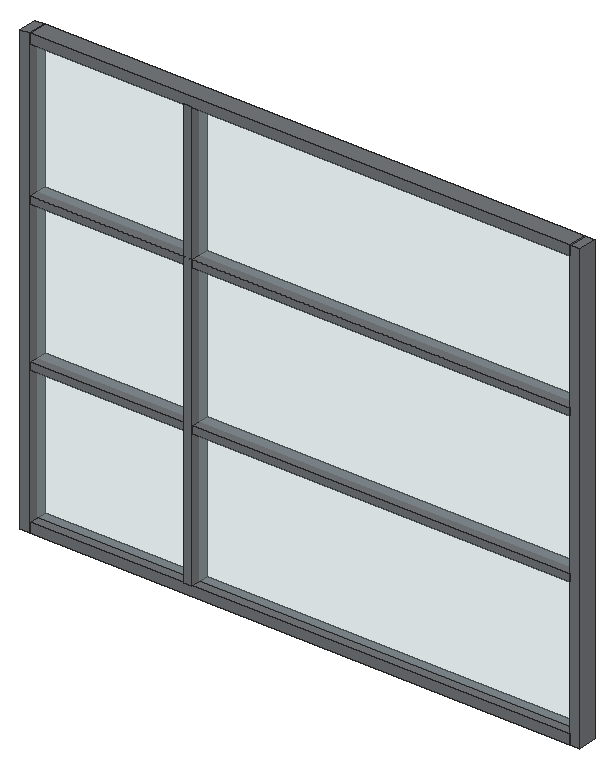
Revit family "LC W01 - A11", category Windows, host Wall, Revit 2027
Family settings
  Host = Wall
  Always vertical = Yes
  Cut with Voids When Loaded = No
  Shared = No
  Room Calculation Point = No
Parameters (values of type "A11 nominal size")
  Height = 2400 mm  # constant formula
  Description = "A07/A08 position, A11 overall sizes. Frame50x100 and glazing6mm are visual coordination profiles; manufacturer sections/glazing specification pending. Panel divisions follow schedule appearance, undimensioned divisions provisional."
  Default Sill Height = 0 mm
  Wall Closure = By host
  Width = 3000 mm  # constant formula
Reference planes
  plane 1 "Center (Front/Back)": y = 0
  plane 2 "Center (Left/Right)": x = 0
  plane 3 "Left": x = -1500
  plane 4 "Right": x = 1500
  plane 5 "Sill": z = 0
  plane 6 "Head": z = 2400
  plane 7 "Exterior": y = 100
  plane 8 "Interior": y = -100
Forms (mm)
  Extrusion 1, solid, material "LC Aluminium - charcoal coordination"
    sketch origin (0, 0, 0) x (1, 0, 0) y (0, 1, 0)
      loop
        line (-1500, -50) -> (-1450, -50) -> (-1450, 50) -> (-1500, 50) -> (-1500, -50)
    from 0 to 2400
  Extrusion 2, solid, material "LC Aluminium - charcoal coordination"
    sketch origin (0, 0, 0) x (1, 0, 0) y (0, 1, 0)
      loop
        line (1450, -50) -> (1500, -50) -> (1500, 50) -> (1450, 50) -> (1450, -50)
    from 0 to 2400
  Extrusion 3, solid, material "LC Aluminium - charcoal coordination"
    sketch origin (0, 0, 0) x (1, 0, 0) y (0, 1, 0)
      loop
        line (-1450, -50) -> (1450, -50) -> (1450, 50) -> (-1450, 50) -> (-1450, -50)
    from 2350 to 2400
  Extrusion 4, solid, material "LC Aluminium - charcoal coordination"
    sketch origin (0, 0, 0) x (1, 0, 0) y (0, 1, 0)
      loop
        line (-1450, -50) -> (1450, -50) -> (1450, 50) -> (-1450, 50) -> (-1450, -50)
    from 0 to 50
  Extrusion 5, solid, material "LC Aluminium - charcoal coordination"
    sketch origin (0, 0, 0) x (1, 0, 0) y (0, 1, 0)
      loop
        line (-620, -50) -> (-580, -50) -> (-580, 50) -> (-620, 50) -> (-620, -50)
    from 50 to 2350
  Extrusion 6, solid, material "LC Aluminium - charcoal coordination"
    sketch origin (0, 0, 0) x (1, 0, 0) y (0, 1, 0)
      loop
        line (-1450, -50) -> (1450, -50) -> (1450, 50) -> (-1450, 50) -> (-1450, -50)
    from 780 to 820
  Extrusion 7, solid, material "LC Aluminium - charcoal coordination"
    sketch origin (0, 0, 0) x (1, 0, 0) y (0, 1, 0)
      loop
        line (-1450, -50) -> (1450, -50) -> (1450, 50) -> (-1450, 50) -> (-1450, -50)
    from 1580 to 1620
  Extrusion 8, solid, material "LC Glazing - specification pending"
    sketch origin (0, 0, 0) x (1, 0, 0) y (0, 1, 0)
      loop
        line (-1450, -3) -> (-600, -3) -> (-600, 3) -> (-1450, 3) -> (-1450, -3)
    from 50 to 800
  Extrusion 9, solid, material "LC Glazing - specification pending"
    sketch origin (0, 0, 0) x (1, 0, 0) y (0, 1, 0)
      loop
        line (-1450, -3) -> (-600, -3) -> (-600, 3) -> (-1450, 3) -> (-1450, -3)
    from 800 to 1600
  Extrusion 10, solid, material "LC Glazing - specification pending"
    sketch origin (0, 0, 0) x (1, 0, 0) y (0, 1, 0)
      loop
        line (-1450, -3) -> (-600, -3) -> (-600, 3) -> (-1450, 3) -> (-1450, -3)
    from 1600 to 2350
  Extrusion 11, solid, material "LC Glazing - specification pending"
    sketch origin (0, 0, 0) x (1, 0, 0) y (0, 1, 0)
      loop
        line (-600, -3) -> (1450, -3) -> (1450, 3) -> (-600, 3) -> (-600, -3)
    from 50 to 800
  Extrusion 12, solid, material "LC Glazing - specification pending"
    sketch origin (0, 0, 0) x (1, 0, 0) y (0, 1, 0)
      loop
        line (-600, -3) -> (1450, -3) -> (1450, 3) -> (-600, 3) -> (-600, -3)
    from 800 to 1600
  Extrusion 13, solid, material "LC Glazing - specification pending"
    sketch origin (0, 0, 0) x (1, 0, 0) y (0, 1, 0)
      loop
        line (-600, -3) -> (1450, -3) -> (1450, 3) -> (-600, 3) -> (-600, -3)
    from 1600 to 2350
Lines and regions (mm)
  Opening 1
    outline origin (3500, -100, 0) x (1, 0, 0) y (0, 0, 1)
      loop
        line (-2000, 0) -> (-2000, 2400) -> (-5000, 2400) -> (-5000, 0) -> (-2000, 0)
Text (mm)
  text "Exterior" at (-1963.203, 1332.353, 0), in view "Ref. Level"
  text "Interior" at (-1981.466, -818.386, 0), in view "Ref. Level"
  text "Exterior" at (0, 923.751, 2943.296), in view "Right"
  text "Exterior" at (0, 1040.484, 2685.409), in view "Left"
Dimensions and locks
  equal spacing: plane 3 "Left", plane 2 "Center (Left/Right)", plane 4 "Right"
  "Width": plane 3 "Left" to plane 4 "Right"
  "Height": plane 5 "Sill" to plane 6 "Head"
  "Default Sill Height": plane 5 "Sill" to level
  locked: plane 7 "Exterior" to host wall
  locked: plane 8 "Interior" to host wall
Automatic sketch dimensions
  Opening 1 sketch curve to plane 3 "Left" = 0 mm
  Opening 1 sketch curve to plane 4 "Right" = 0 mm
  Opening 1 sketch curve to plane 5 "Sill" = 0 mm
  Opening 1 sketch curve to plane 6 "Head" = 0 mm
  Extrusion 1 sketch curve to plane 3 "Left" = 0 mm
  Extrusion 1 sketch curve to Extrusion 1 sketch curve = 50 mm
  host wall to Extrusion 1 sketch curve = 50 mm
  Extrusion 1 sketch curve to host wall = 50 mm
  Extrusion 2 sketch curve to plane 4 "Right" = 0 mm
  plane 4 "Right" to Extrusion 2 sketch curve = 50 mm
  host wall to Extrusion 2 sketch curve = 50 mm
  Extrusion 2 sketch curve to host wall = 50 mm
  Extrusion 3 sketch curve to plane 3 "Left" = 50 mm
  plane 4 "Right" to Extrusion 3 sketch curve = 50 mm
  host wall to Extrusion 3 sketch curve = 50 mm
  Extrusion 3 sketch curve to host wall = 50 mm
  Extrusion 4 sketch curve to plane 3 "Left" = 50 mm
  plane 4 "Right" to Extrusion 4 sketch curve = 50 mm
  host wall to Extrusion 4 sketch curve = 50 mm
  Extrusion 4 sketch curve to host wall = 50 mm
  host wall to Extrusion 5 sketch curve = 50 mm
  plane 2 "Center (Left/Right)" to Extrusion 5 sketch curve = 620 mm
  Extrusion 5 sketch curve to Extrusion 5 sketch curve = 40 mm
  Extrusion 5 sketch curve to host wall = 50 mm
  Extrusion 6 sketch curve to plane 3 "Left" = 50 mm
  plane 4 "Right" to Extrusion 6 sketch curve = 50 mm
  host wall to Extrusion 6 sketch curve = 50 mm
  Extrusion 6 sketch curve to host wall = 50 mm
  Extrusion 7 sketch curve to plane 3 "Left" = 50 mm
  plane 4 "Right" to Extrusion 7 sketch curve = 50 mm
  host wall to Extrusion 7 sketch curve = 50 mm
  Extrusion 7 sketch curve to host wall = 50 mm
  host wall to Extrusion 8 sketch curve = 3 mm
  Extrusion 8 sketch curve to plane 3 "Left" = 50 mm
  Extrusion 8 sketch curve to host wall = 3 mm
  plane 2 "Center (Left/Right)" to Extrusion 8 sketch curve = 600 mm
  host wall to Extrusion 9 sketch curve = 3 mm
  Extrusion 9 sketch curve to plane 3 "Left" = 50 mm
  Extrusion 9 sketch curve to host wall = 3 mm
  plane 2 "Center (Left/Right)" to Extrusion 9 sketch curve = 600 mm
  host wall to Extrusion 10 sketch curve = 3 mm
  Extrusion 10 sketch curve to plane 3 "Left" = 50 mm
  Extrusion 10 sketch curve to host wall = 3 mm
  plane 2 "Center (Left/Right)" to Extrusion 10 sketch curve = 600 mm
  host wall to Extrusion 11 sketch curve = 3 mm
  plane 2 "Center (Left/Right)" to Extrusion 11 sketch curve = 600 mm
  Extrusion 11 sketch curve to host wall = 3 mm
  plane 4 "Right" to Extrusion 11 sketch curve = 50 mm
  host wall to Extrusion 12 sketch curve = 3 mm
  plane 2 "Center (Left/Right)" to Extrusion 12 sketch curve = 600 mm
  Extrusion 12 sketch curve to host wall = 3 mm
  plane 4 "Right" to Extrusion 12 sketch curve = 50 mm
  host wall to Extrusion 13 sketch curve = 3 mm
  plane 2 "Center (Left/Right)" to Extrusion 13 sketch curve = 600 mm
  Extrusion 13 sketch curve to host wall = 3 mm
  plane 4 "Right" to Extrusion 13 sketch curve = 50 mm
